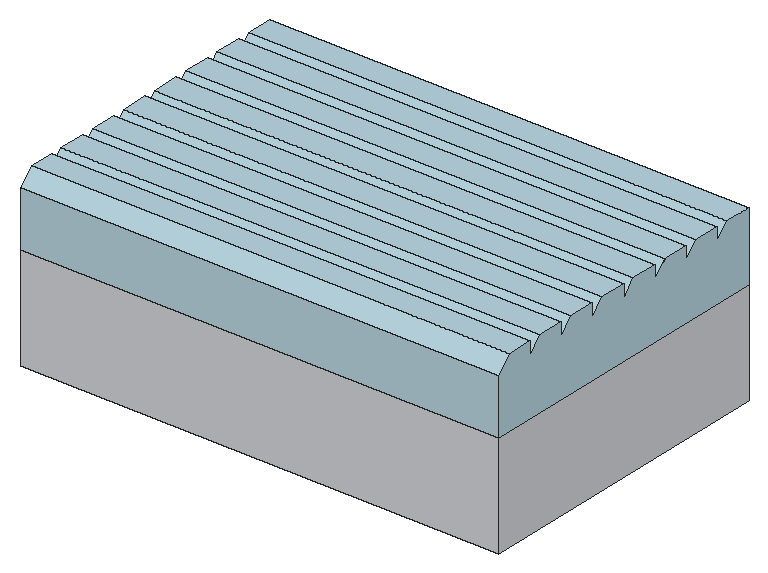
Revit family "Domotics-DomesticRanges-GEWISS-SYSTEM_SIGNALLING-LAMP_STAIR_RISER", category Apparecchi elettrici, host Superficie, Revit 2016
Family settings
  Host = Superficie
  Mantenere orientamento annotazione = Sì
  Tipo di parte = Normale
  Quota connettore circolare = Usa diametro
  Taglio con vuoti quando caricato = No
  Condiviso = Sì
  Punto di calcolo locali = Sì
Parameters (values of type "GW20626 - Stair riser diffuser flat lamp blue")
  Voltage: = "12/24V AC"
  Voltage = "12/24V AC"
  Version file RFA = "19.4"
  URL = "https://www.gewiss.com/ww/en"
  Tipo_ = System Spie Segnapasso_GENERICO : GW20626 Spia segnapasso con diffusore piano azzurro
  Technical sheet = "https://www.gewiss.com/ww/en/search?q=GW20626"
  Simbolo [instance] = yes
  SEO = "Lamp"
  Realized by GEWISS S.p.A. = ""
  Default Elevation = 1219.2 mm
  Produttore = "GEWISS S.p.A."
  Offset_spia [instance] = 0 mm
  Offset_bidimensionale [instance] = 2 mm
  No. SYSTEM modules = "3"
  Modello = "GW20626"
  Lamp holder = "Cartridge"
  Immagine tipo = GW20626.jpg
  IFC.TypeObject = ""
  IFC.ExportType = ""
  IFC.ExportAs = ""
  IDT = "fca23135-4530-4210-9352-b52efd479bc1"
  IDF = "27b20512-f0cd-4c6a-a13a-b587bbdd2201"
  Fixing for lamp = "Cartridge"
  Electrocod = "0132"
  EAN code = "8011564024786"
  Distanza_effettiva_x [instance] = 1500 mm - Distanza_x  # 1500 mm
  Distanza_x [instance] = 0 mm
  Diffuser colour: = "Light blue"
  Diffuser colour = "Light blue"
  Descrizione = "STAIR RISER DIFFUSER FLAT LAMP BLUE"
  Description. = "Stair riser lamp"
  Catalogue Range = "SYSTEM - DOMESTIC RANGE"
  Catalogue = "DOMOTICS"
  COBie.Tagnumber = ""
  COBie.CreatedOn = ""
  COBie.CreatebBy = ""
  COBie.ComponentRegisterItemID = ""
  COBie.Component.TagNumber = ""
  COBie.Component.Space = ""
  COBie.Component.SerialNumber = ""
  COBie.Component.InstallationDate = ""
  COBie.Component.Description = ""
  COBie.Component.BarCode = ""
Types (5, lengths in mm): name | Tipo_ | Technical sheet | Modello | Immagine tipo | IDT | EAN code | Diffuser colour: | Diffuser colour | Descrizione
  GW20601 - Stair riser diffuser flat lamp opal | System Spie Segnapasso_GENERICO : GW20601 Spia segnapasso con diffusore piano opale | "https://www.gewiss.com/ww/en/search?q=GW20601" | "GW20601" | GW20601.jpg | "e779f10d-e856-40c3-b2f5-ce90b2b7e664" | "8011564001053" | "Opal" | "Opal" | "STAIR RISER DIFFUSER FLAT LAMP OPAL"
  GW20623 - Stair riser diffuser flat lamp red | System Spie Segnapasso_GENERICO : GW20623 Spia segnapasso con diffusore piano rosso | "https://www.gewiss.com/ww/en/search?q=GW20623" | "GW20623" | GW20623.jpg | "2ee91e2b-1813-4efd-8c80-acffca446a83" | "8011564024816" | "Red" | "Red" | "STAIR RISER DIFFUSER FLAT LAMP RED"
  GW20624 - Stair riser diffuser flat lamp green | System Spie Segnapasso_GENERICO : GW20624 Spia segnapasso con diffusore piano verde | "https://www.gewiss.com/ww/en/search?q=GW20624" | "GW20624" | GW20624.jpg | "f305278a-32c3-4f49-90c6-1801fe5b71cb" | "8011564024809" | "Green" | "Green" | "STAIR RISER DIFFUSER FLAT LAMP GREEN"
  GW20625 - Stair riser diffuser flat lamp yellow | System Spie Segnapasso_GENERICO : GW20625 Spia segnapasso con diffusore piano giallo | "https://www.gewiss.com/ww/en/search?q=GW20625" | "GW20625" | GW20625.jpg | "9adad09f-f861-4385-ada7-d864ea9b2ce9" | "8011564024793" | "Yellow" | "Yellow" | "STAIR RISER DIFFUSER FLAT LAMP YELLOW"
  GW20626 - Stair riser diffuser flat lamp blue | System Spie Segnapasso_GENERICO : GW20626 Spia segnapasso con diffusore piano azzurro | "https://www.gewiss.com/ww/en/search?q=GW20626" | "GW20626" | GW20626.jpg | "fca23135-4530-4210-9352-b52efd479bc1" | "8011564024786" | "Light blue" | "Light blue" | "STAIR RISER DIFFUSER FLAT LAMP BLUE"
Reference planes
  plane 1 "Centro (Fronte/Retro)": y = 0
  plane 2: z = 0
  plane 3 "Centro (Sinistra/Destra)": x = 0
  plane 4: x = 0
  plane 5: x = -1500
  plane 6: z = 0
  plane 7: z = 25
  plane 8 "BD": z = 27
Dimensions and locks
  "Distanza_effettiva_x": plane 5 to plane 4
  plane 5 to plane 3 "Centro (Sinistra/Destra)" = 1500 mm
  "Offset_spia": plane 6 to plane 2
  locked: plane 7 to plane 6 at 25
  "Offset_bidimensionale": plane 8 "BD" to plane 7
  aligned and locked: plane 2 to host face
  aligned and locked: level to host face
  aligned and locked: plane 3 "Centro (Sinistra/Destra)" to nested 1
  aligned and locked: plane 1 "Centro (Fronte/Retro)" to nested 1
  aligned and locked: plane 4 to nested 2
  aligned and locked: plane 8 "BD" to import instance
  aligned and locked: nested 1 to plane 6
Automatic sketch dimensions
  host sketch curve to host sketch curve = 2438.4 mm  (x2)
Nested families
  nested 1: "System Spie Segnapasso_GENERICO" at (0, 0, 0), type <- "Tipo_", type "GW20626 Spia segnapasso con diffusore piano azzurro", detail levels medium+fine
  nested 2: "SPIE" at (0, 91.183, 0), SIMBOLO <- "Simbolo", type "SEGNAP"
    with SIMBOLO yes, Distanza dal muro 1 mm, BORDO ACCESO yes
Definition of nested family "System Spie Segnapasso_GENERICO"
  Parameters (values of type "GW20624 Spia segnapasso con diffusore piano verde")
    L_MODULO = 69 mm  # constant formula
    H_MODULO = 45 mm  # constant formula
    Finitura Segnapasso = none
    B ASE = 15 mm  # constant formula
  Types (5): name
    GW20623 Spia segnapasso con diffusore piano rosso
    GW20624 Spia segnapasso con diffusore piano verde
    GW20625 Spia segnapasso con diffusore piano giallo
    GW20626 Spia segnapasso con diffusore piano azzurro
    GW20601 Spia segnapasso con diffusore piano opale
  Reference planes
    plane 1 "Centro (Fronte/Retro)": y = 0
    plane 2: z = 0
    plane 3 "Centro (Sinistra/Destra)": x = 0
    plane 4: z = 25
    plane 5: z = 15
    plane 6: x = -34.5
    plane 7: y = -22.5
    plane 8: x = 34.5
    plane 9: y = 22.5
    plane 10: y = 16.875
    plane 11: y = 11.25
    plane 12: y = 5.625
    plane 13: y = -5.625
    plane 14: y = -11.25
    plane 15: y = -16.875
    plane 16: z = 23
    plane 17: y = 18.574
    plane 18: y = 20.985
    plane 19: through (4267.2, -16.875, 23) normal (0, 0.8572, -0.515)
    plane 20: through (4267.2, -11.25, 23) normal (0, -0.7071, -0.7071)
    plane 21: through (4267.2, -5.625, 23) normal (0, -0.8192, 0.5736)
    plane 22: through (4267.2, 5.625, 23) normal (0, 0.6582, 0.7528)
    plane 23: through (4267.2, 11.25, 23) normal (0, -0.7071, 0.7071)
  Forms (mm)
    Extrusion 1, solid, material <- "Finitura Segnapasso"
      sketch origin (0, 0, 0) x (1, 0, 0) y (0, 1, 0)
        loop
          line (-34.5, -22.5) -> (34.5, -22.5) -> (34.5, 22.5) -> (-34.5, 22.5) -> (-34.5, -22.5)
      from 15 to 25
    Extrusion 2, solid
      sketch origin (0, 0, 0) x (1, 0, 0) y (0, 1, 0)
        loop
          line (-34.5, -22.5) -> (34.5, -22.5) -> (34.5, 22.5) -> (-34.5, 22.5) -> (-34.5, -22.5)
      from 0 to 15
    Extrusion 3, void
      sketch origin (0, 0, 0) x (0, 1, 0) y (0, 0, 1)
        loop
          line (-22.5, 25) -> (-22.5, 23) -> (22.5, 23) -> (22.5, 25) -> (-22.5, 25)
      from -34.5 to 34.5
    Extrusion 4, solid, material <- "Finitura Segnapasso"
      sketch origin (0, 0, 0) x (0, 1, 0) y (0, 0, 1)
        loop
          line (18.624, 25) -> (16.875, 23) -> (22.5, 23) -> (22.5, 25) -> (18.624, 25)
      from -34.5 to 34.5
    Extrusion 5, solid, material <- "Finitura Segnapasso"
      sketch origin (0, -5.625, 0) x (0, 1, 0) y (0, 0, 1)
        loop
          line (18.624, 25) -> (16.875, 23) -> (22.5, 23) -> (22.5, 25) -> (18.624, 25)
      from -34.5 to 34.5
    Extrusion 6, solid, material <- "Finitura Segnapasso"
      sketch origin (0, -11.25, 0) x (0, 1, 0) y (0, 0, 1)
        loop
          line (18.624, 25) -> (16.875, 23) -> (22.5, 23) -> (22.5, 25) -> (18.624, 25)
      from -34.5 to 34.5
    Extrusion 7, solid, material <- "Finitura Segnapasso"
      sketch origin (0, -16.875, 0) x (0, 1, 0) y (0, 0, 1)
        loop
          line (18.624, 25) -> (16.875, 23) -> (22.5, 23) -> (22.5, 25) -> (18.624, 25)
      from -34.5 to 34.5
    Extrusion 8, solid, material <- "Finitura Segnapasso"
      sketch origin (0, -22.5, 0) x (0, 1, 0) y (0, 0, 1)
        loop
          line (18.624, 25) -> (16.875, 23) -> (22.5, 23) -> (22.5, 25) -> (18.624, 25)
      from -34.5 to 34.5
    Extrusion 9, solid, material <- "Finitura Segnapasso"
      sketch origin (0, -28.125, 0) x (0, 1, 0) y (0, 0, 1)
        loop
          line (18.624, 25) -> (16.875, 23) -> (22.5, 23) -> (22.5, 25) -> (18.624, 25)
      from -34.5 to 34.5
    Extrusion 10, solid, material <- "Finitura Segnapasso"
      sketch origin (0, -33.75, 0) x (0, 1, 0) y (0, 0, 1)
        loop
          line (18.624, 25) -> (16.875, 23) -> (22.5, 23) -> (22.5, 25) -> (18.624, 25)
      from -34.5 to 34.5
    Extrusion 11, solid, material <- "Finitura Segnapasso"
      sketch origin (0, -39.375, 0) x (0, 1, 0) y (0, 0, 1)
        loop
          line (16.875, 23) -> (22.5, 23) -> (22.5, 25) -> (18.875, 25) -> (16.875, 23)
      from -34.5 to 34.5
  Cuts and joins
    Extrusion 3 cuts Extrusion 1
    joined: Extrusion 1, Extrusion 4, Extrusion 5, Extrusion 6, Extrusion 7, Extrusion 8, Extrusion 9, Extrusion 10, Extrusion 11
  Text (mm)
    text "C*A=B/2" at (0, -18.401, 32.424), in view "Destra"
  Dimensions and locks
    locked: plane 4 to plane 5 at 10
    equal spacing: plane 9, plane 1 "Centro (Fronte/Retro)", plane 7
    equal spacing: plane 6, plane 3 "Centro (Sinistra/Destra)", plane 8
    "L_MODULO": plane 6 to plane 8
    "H_MODULO": plane 9 to plane 7
    plane 7 to plane 15 to plane 14 to plane 13 to plane 1 "Centro (Fronte/Retro)" to plane 12 to plane 11 to plane 10 to plane 9 = 5.625 mm, 5.625 mm, 5.625 mm, 5.625 mm, 5.625 mm, 5.625 mm, 5.625 mm, 5.625 mm
    "B ASE": plane 5 to level
    locked: plane 4 to plane 16 at 2
    angle plane 20 to plane 7 = 135.00°
    angle plane 19 to plane 15 = 31.00°
    angle plane 14 to plane 20 = 45.00°
    angle plane 21 to plane 13 = 35.00°
    angle plane 22 to plane 12 = 131.164°
    angle plane 4 to plane 23 = 45.00°
    aligned and locked: level to plane 2
    aligned and locked: plane 4 to Extrusion 1
    aligned and locked: Extrusion 1 to plane 5
    aligned and locked: Extrusion 2 sketch curve to plane 6
    aligned and locked: Extrusion 2 sketch curve to plane 9
    aligned and locked: Extrusion 2 sketch curve to plane 7
    aligned and locked: Extrusion 2 sketch curve to plane 8
    aligned and locked: plane 5 to Extrusion 2
    aligned and locked: Extrusion 2 to level
    aligned and locked: Extrusion 3 sketch curve to plane 16
    aligned and locked: plane 4 to Extrusion 3 sketch curve
    aligned and locked: plane 6 to Extrusion 3
    aligned and locked: plane 9 to Extrusion 3 sketch curve
    aligned and locked: Extrusion 4 sketch curve to plane 4
    aligned and locked: Extrusion 3 sketch curve to plane 7
    aligned and locked: plane 6 to Extrusion 4
    aligned and locked: plane 6 to Extrusion 5
    aligned and locked: plane 6 to Extrusion 6
    aligned and locked: plane 6 to Extrusion 7
    aligned and locked: plane 6 to Extrusion 8
    aligned and locked: plane 6 to Extrusion 9
    aligned and locked: plane 6 to Extrusion 10
    aligned and locked: plane 6 to Extrusion 11
    aligned and locked: Extrusion 11 to plane 8
    aligned and locked: Extrusion 10 to plane 8
    aligned and locked: Extrusion 9 to plane 8
    aligned and locked: Extrusion 8 to plane 8
    aligned and locked: Extrusion 7 to plane 8
    aligned and locked: Extrusion 6 to plane 8
    aligned and locked: Extrusion 5 to plane 8
    aligned and locked: Extrusion 4 to plane 8
    aligned and locked: Extrusion 4 sketch curve to plane 9
    aligned and locked: Extrusion 5 sketch curve to plane 10
    aligned and locked: Extrusion 6 sketch curve to plane 11
    aligned and locked: Extrusion 7 sketch curve to plane 12
    aligned and locked: plane 1 "Centro (Fronte/Retro)" to Extrusion 8 sketch curve
    aligned and locked: Extrusion 9 sketch curve to plane 13
    aligned and locked: Extrusion 10 sketch curve to plane 14
    aligned and locked: Extrusion 11 sketch curve to plane 15
    aligned and locked: Extrusion 3 to plane 8
  Automatic sketch dimensions
    Extrusion 1 sketch curve to plane 6 = 0 mm
    Extrusion 1 sketch curve to plane 8 = 0 mm
    Extrusion 1 sketch curve to plane 7 = 0 mm
    Extrusion 1 sketch curve to plane 9 = 0 mm
    Extrusion 4 sketch curve to plane 10 = 0 mm
    Extrusion 4 sketch curve to plane 16 = 0 mm
    Extrusion 4 sketch curve to plane 17 = 0.05 mm
    Extrusion 5 sketch curve to plane 11 = 0 mm
    Extrusion 5 sketch curve to plane 4 = 0 mm
    Extrusion 5 sketch curve to plane 16 = 0 mm
    plane 11 to Extrusion 5 sketch curve = 1.749 mm
    Extrusion 6 sketch curve to plane 12 = 0 mm
    Extrusion 6 sketch curve to plane 4 = 0 mm
    Extrusion 6 sketch curve to plane 16 = 0 mm
    plane 12 to Extrusion 6 sketch curve = 1.749 mm
    Extrusion 7 sketch curve to plane 1 "Centro (Fronte/Retro)" = 0 mm
    Extrusion 7 sketch curve to plane 4 = 0 mm
    Extrusion 7 sketch curve to plane 16 = 0 mm
    Extrusion 7 sketch curve to plane 1 "Centro (Fronte/Retro)" = 1.749 mm
    Extrusion 8 sketch curve to plane 13 = 0 mm
    Extrusion 8 sketch curve to plane 4 = 0 mm
    Extrusion 8 sketch curve to plane 16 = 0 mm
    plane 13 to Extrusion 8 sketch curve = 1.749 mm
    Extrusion 9 sketch curve to plane 14 = 0 mm
    Extrusion 9 sketch curve to plane 4 = 0 mm
    Extrusion 9 sketch curve to plane 16 = 0 mm
    plane 14 to Extrusion 9 sketch curve = 1.749 mm
    Extrusion 10 sketch curve to plane 15 = 0 mm
    Extrusion 10 sketch curve to plane 4 = 0 mm
    Extrusion 10 sketch curve to plane 16 = 0 mm
    plane 15 to Extrusion 10 sketch curve = 1.749 mm
    Extrusion 11 sketch curve to plane 16 = 0 mm
    Extrusion 11 sketch curve to plane 4 = 0 mm
    Extrusion 11 sketch curve to plane 7 = 0 mm
    plane 7 to Extrusion 11 sketch curve = 2 mm
Definition of nested family "SPIE"
  Parameters (values of type "SEGNAP")
    tipo = SPIE_BASE : SEGNAP
    SIMBOLO [instance] = yes
    Distanza dal muro [instance] = 4.208 mm
    BORDO ACCESO [instance] = yes
  Types (3, lengths in mm): name | tipo
    SPIE DOPPIE | SPIE_BASE : SPIE DOPPIE
    SPIE | SPIE_BASE : SPIE
    SEGNAP | SPIE_BASE : SEGNAP
  Reference planes
    plane 1: y = 0
    plane 2: x = 0
  Lines and regions (mm)
    detail lines, visible <- "BORDO ACCESO", not visible
      curve 1: line (-2.25, 0.412, 0) -> (2.25, 0.412, 0)
      curve 2: line (2.25, 0.412, 0) -> (2.25, -5.588, 0)
      curve 3: line (2.25, -5.588, 0) -> (-2.25, -5.588, 0)
      curve 4: line (-2.25, -5.588, 0) -> (-2.25, 0.412, 0)
      curve 30: line (-1.85, 0.012, 0) -> (1.85, 0.012, 0)
      curve 31: line (1.85, 0.012, 0) -> (1.85, -5.188, 0)
      curve 32: line (1.85, -5.188, 0) -> (-1.85, -5.188, 0)
      curve 33: line (-1.85, -5.188, 0) -> (-1.85, 0.012, 0)
      curve 34: line (-2.25, 6, 0) -> (2.25, 6, 0)
      curve 35: line (2.25, 6, 0) -> (2.25, 0, 0)
      curve 36: line (2.25, 0, 0) -> (-2.25, 0, 0)
      curve 37: line (-2.25, 0, 0) -> (-2.25, 6, 0)
      curve 61: line (-1.85, 5.6, 0) -> (1.85, 5.6, 0)
      curve 62: line (1.85, 5.6, 0) -> (1.85, 0.4, 0)
      curve 63: line (1.85, 0.4, 0) -> (-1.85, 0.4, 0)
      curve 64: line (-1.85, 0.4, 0) -> (-1.85, 5.6, 0)
      curve 65: line (-2.443, 10.208, 0) -> (2.057, 10.208, 0)
      curve 66: line (2.057, 10.208, 0) -> (2.057, 4.208, 0)
      curve 67: line (2.057, 4.208, 0) -> (-2.443, 4.208, 0)
      curve 68: line (-2.443, 4.208, 0) -> (-2.443, 10.208, 0)
      curve 69: line (-2.043, 9.808, 0) -> (1.657, 9.808, 0)
      curve 70: line (1.657, 9.808, 0) -> (1.657, 4.608, 0)
      curve 71: line (1.657, 4.608, 0) -> (-2.043, 4.608, 0)
      curve 72: line (-2.043, 4.608, 0) -> (-2.043, 9.808, 0)
    detail lines, not visible
      curve 5: line (-9.473, -5.588, 0) -> (10.527, -5.588, 0)
      curve 6: circle (-0.56, -0.487, 0) r 0.969 normal (0, 0, 1)
      curve 7: line (-0.005, 0.306, 0) -> (0.852, 1.529, 0)
      curve 8: line (0.852, 1.529, 0) -> (1.529, 1.047, 0)
      curve 9: circle (-0.56, -315.487, 0) r 0.969 normal (0, 0, 1)
      curve 10: line (-0.005, -314.694, 0) -> (0.852, -313.471, 0)
      curve 11: line (0.852, -313.471, 0) -> (1.529, -313.953, 0)
      curve 12: line (-1.245, -314.803, 0) -> (0.124, -316.172, 0)
      curve 13: line (0.124, -314.803, 0) -> (-1.245, -316.172, 0)
      curve 14: circle (-0.56, -480.487, 0) r 0.969 normal (0, 0, 1)
      curve 15: line (-0.005, -479.694, 0) -> (0.852, -478.471, 0)
      curve 16: line (0.852, -478.471, 0) -> (1.529, -478.953, 0)
      curve 17: line (0.493, -478.983, 0) -> (1.167, -479.462, 0)
      curve 18: circle (-0.56, -880.487, 0) r 0.969 normal (0, 0, 1)
      curve 19: line (-0.005, -879.694, 0) -> (0.852, -878.471, 0)
      curve 20: line (0.852, -878.471, 0) -> (1.529, -878.953, 0)
      curve 21: line (-1.245, -879.803, 0) -> (0.124, -881.172, 0)
      curve 22: line (0.124, -879.803, 0) -> (-1.245, -881.172, 0)
      curve 23: line (0.493, -878.983, 0) -> (1.167, -879.462, 0)
      curve 24: circle (-0.56, -365.487, 0) r 0.969 normal (0, 0, 1)
      curve 25: line (-0.005, -364.694, 0) -> (0.852, -363.471, 0)
      curve 26: line (0.852, -363.471, 0) -> (1.529, -363.953, 0)
      curve 27: line (-0.56, -364.925, 0) -> (-0.56, -366.05, 0)
      curve 28: line (0.493, -363.983, 0) -> (1.167, -364.462, 0)
      curve 29: line (0, 3.621, 0) -> (0, -16.379, 0)
      curve 38: circle (-0.56, 2.417, 0) r 0.969 normal (0, 0, 1)
      curve 39: line (-0.005, 3.21, 0) -> (0.852, 4.433, 0)
      curve 40: line (0.852, 4.433, 0) -> (1.529, 3.951, 0)
      curve 41: circle (-0.56, 2.417, 0) r 0.969 normal (0, 0, 1)
      curve 42: line (-0.005, 3.21, 0) -> (0.852, 4.433, 0)
      curve 43: line (0.852, 4.433, 0) -> (1.529, 3.951, 0)
      curve 44: line (-1.245, 3.102, 0) -> (0.124, 1.732, 0)
      curve 45: line (0.124, 3.102, 0) -> (-1.245, 1.732, 0)
      curve 46: circle (-0.56, 2.417, 0) r 0.969 normal (0, 0, 1)
      curve 47: line (-0.005, 3.21, 0) -> (0.852, 4.433, 0)
      curve 48: line (0.852, 4.433, 0) -> (1.529, 3.951, 0)
      curve 49: circle (-0.56, 2.417, 0) r 0.969 normal (0, 0, 1)
      curve 50: line (-0.005, 3.21, 0) -> (0.852, 4.433, 0)
      curve 51: line (0.852, 4.433, 0) -> (1.529, 3.951, 0)
      curve 52: line (-1.245, 3.102, 0) -> (0.124, 1.732, 0)
      curve 53: line (0.124, 3.102, 0) -> (-1.245, 1.732, 0)
      curve 54: line (0.493, 3.921, 0) -> (1.167, 3.442, 0)
      curve 55: line (0.493, 3.921, 0) -> (1.167, 3.442, 0)
      curve 56: circle (-0.56, 2.417, 0) r 0.969 normal (0, 0, 1)
      curve 57: line (-0.005, 3.21, 0) -> (0.852, 4.433, 0)
      curve 58: line (0.852, 4.433, 0) -> (1.529, 3.951, 0)
      curve 59: line (-0.56, 2.979, 0) -> (-0.56, 1.854, 0)
      curve 60: line (0.493, 3.921, 0) -> (1.167, 3.442, 0)
  Dimensions and locks
    "Distanza dal muro": plane 1 to nested 1
    aligned and locked: curve 5 to curve 3
  Nested families
    nested 1: "SPIE_BASE" at (0, 4.208, 0), BORDO ACCESO <- "BORDO ACCESO", type <- "tipo", visible <- "SIMBOLO", type "SEGNAP"
      with BORDO ACCESO yes
  Definition of nested family "SPIE_BASE"
    Parameters (values of type "SPIE DOPPIE")
      SPIE DOPPIE = yes
      SPIE = no
      SEGNAP = no
      Distanza dal muro = 4.208 mm
      BORDO ACCESO [instance] = yes
    Types (3, lengths in mm): name | SPIE DOPPIE | SPIE | SEGNAP
      SPIE | no | yes | no
      SPIE DOPPIE | yes | no | no
      SEGNAP | no | yes | yes
    Reference planes
      plane 1: y = 0
      plane 2: x = 0
    Lines and regions (mm)
      detail lines, visible <- "BORDO ACCESO", not visible
        curve 1: line (-2.25, 0.412, 0) -> (2.25, 0.412, 0)
        curve 2: line (2.25, 0.412, 0) -> (2.25, -5.588, 0)
        curve 3: line (2.25, -5.588, 0) -> (-2.25, -5.588, 0)
        curve 4: line (-2.25, -5.588, 0) -> (-2.25, 0.412, 0)
        curve 30: line (-1.85, 0.012, 0) -> (1.85, 0.012, 0)
        curve 31: line (1.85, 0.012, 0) -> (1.85, -5.188, 0)
        curve 32: line (1.85, -5.188, 0) -> (-1.85, -5.188, 0)
        curve 33: line (-1.85, -5.188, 0) -> (-1.85, 0.012, 0)
        curve 34: line (-2.25, 6, 0) -> (2.25, 6, 0)
        curve 35: line (2.25, 6, 0) -> (2.25, 0, 0)
        curve 36: line (2.25, 0, 0) -> (-2.25, 0, 0)
        curve 37: line (-2.25, 0, 0) -> (-2.25, 6, 0)
        curve 61: line (-1.85, 5.6, 0) -> (1.85, 5.6, 0)
        curve 62: line (1.85, 5.6, 0) -> (1.85, 0.4, 0)
        curve 63: line (1.85, 0.4, 0) -> (-1.85, 0.4, 0)
        curve 64: line (-1.85, 0.4, 0) -> (-1.85, 5.6, 0)
        curve 65: line (-2.443, 10.208, 0) -> (2.057, 10.208, 0)
        curve 66: line (2.057, 10.208, 0) -> (2.057, 4.208, 0)
        curve 67: line (2.057, 4.208, 0) -> (-2.443, 4.208, 0)
        curve 68: line (-2.443, 4.208, 0) -> (-2.443, 10.208, 0)
        curve 69: line (-2.043, 9.808, 0) -> (1.657, 9.808, 0)
        curve 70: line (1.657, 9.808, 0) -> (1.657, 4.608, 0)
        curve 71: line (1.657, 4.608, 0) -> (-2.043, 4.608, 0)
        curve 72: line (-2.043, 4.608, 0) -> (-2.043, 9.808, 0)
      detail lines, not visible
        curve 5: line (-9.473, -5.588, 0) -> (10.527, -5.588, 0)
        curve 6: circle (-0.56, -0.487, 0) r 0.969 normal (0, 0, 1)
        curve 7: line (-0.005, 0.306, 0) -> (0.852, 1.529, 0)
        curve 8: line (0.852, 1.529, 0) -> (1.529, 1.047, 0)
        curve 9: circle (-0.56, -315.487, 0) r 0.969 normal (0, 0, 1)
        curve 10: line (-0.005, -314.694, 0) -> (0.852, -313.471, 0)
        curve 11: line (0.852, -313.471, 0) -> (1.529, -313.953, 0)
        curve 12: line (-1.245, -314.803, 0) -> (0.124, -316.172, 0)
        curve 13: line (0.124, -314.803, 0) -> (-1.245, -316.172, 0)
        curve 14: circle (-0.56, -480.487, 0) r 0.969 normal (0, 0, 1)
        curve 15: line (-0.005, -479.694, 0) -> (0.852, -478.471, 0)
        curve 16: line (0.852, -478.471, 0) -> (1.529, -478.953, 0)
        curve 17: line (0.493, -478.983, 0) -> (1.167, -479.462, 0)
        curve 18: circle (-0.56, -880.487, 0) r 0.969 normal (0, 0, 1)
        curve 19: line (-0.005, -879.694, 0) -> (0.852, -878.471, 0)
        curve 20: line (0.852, -878.471, 0) -> (1.529, -878.953, 0)
        curve 21: line (-1.245, -879.803, 0) -> (0.124, -881.172, 0)
        curve 22: line (0.124, -879.803, 0) -> (-1.245, -881.172, 0)
        curve 23: line (0.493, -878.983, 0) -> (1.167, -879.462, 0)
        curve 24: circle (-0.56, -365.487, 0) r 0.969 normal (0, 0, 1)
        curve 25: line (-0.005, -364.694, 0) -> (0.852, -363.471, 0)
        curve 26: line (0.852, -363.471, 0) -> (1.529, -363.953, 0)
        curve 27: line (-0.56, -364.925, 0) -> (-0.56, -366.05, 0)
        curve 28: line (0.493, -363.983, 0) -> (1.167, -364.462, 0)
        curve 29: line (0, 3.621, 0) -> (0, -16.379, 0)
        curve 38: circle (-0.56, 2.417, 0) r 0.969 normal (0, 0, 1)
        curve 39: line (-0.005, 3.21, 0) -> (0.852, 4.433, 0)
        curve 40: line (0.852, 4.433, 0) -> (1.529, 3.951, 0)
        curve 41: circle (-0.56, 2.417, 0) r 0.969 normal (0, 0, 1)
        curve 42: line (-0.005, 3.21, 0) -> (0.852, 4.433, 0)
        curve 43: line (0.852, 4.433, 0) -> (1.529, 3.951, 0)
        curve 44: line (-1.245, 3.102, 0) -> (0.124, 1.732, 0)
        curve 45: line (0.124, 3.102, 0) -> (-1.245, 1.732, 0)
        curve 46: circle (-0.56, 2.417, 0) r 0.969 normal (0, 0, 1)
        curve 47: line (-0.005, 3.21, 0) -> (0.852, 4.433, 0)
        curve 48: line (0.852, 4.433, 0) -> (1.529, 3.951, 0)
        curve 49: circle (-0.56, 2.417, 0) r 0.969 normal (0, 0, 1)
        curve 50: line (-0.005, 3.21, 0) -> (0.852, 4.433, 0)
        curve 51: line (0.852, 4.433, 0) -> (1.529, 3.951, 0)
        curve 52: line (-1.245, 3.102, 0) -> (0.124, 1.732, 0)
        curve 53: line (0.124, 3.102, 0) -> (-1.245, 1.732, 0)
        curve 54: line (0.493, 3.921, 0) -> (1.167, 3.442, 0)
        curve 55: line (0.493, 3.921, 0) -> (1.167, 3.442, 0)
        curve 56: circle (-0.56, 2.417, 0) r 0.969 normal (0, 0, 1)
        curve 57: line (-0.005, 3.21, 0) -> (0.852, 4.433, 0)
        curve 58: line (0.852, 4.433, 0) -> (1.529, 3.951, 0)
        curve 59: line (-0.56, 2.979, 0) -> (-0.56, 1.854, 0)
        curve 60: line (0.493, 3.921, 0) -> (1.167, 3.442, 0)
      detail lines, visible <- "SPIE"
        curve 73: line (-0.354, 1.604, 0) -> (0.354, 0.896, 0)
        curve 74: circle (0, 1.25, 0) r 0.5 normal (0, 0, 1)
        curve 75: line (0.354, 1.604, 0) -> (-0.354, 0.896, 0)
      detail lines, visible <- "SPIE DOPPIE"
        curve 76: line (-0.354, 2.152, 0) -> (0.354, 1.445, 0)
        curve 77: circle (0, 1.799, 0) r 0.5 normal (0, 0, 1)
        curve 78: line (0.354, 2.152, 0) -> (-0.354, 1.445, 0)
        curve 79: line (-0.354, 0.348, 0) -> (0.354, 1.055, 0)
        curve 80: circle (0, 0.701, 0) r 0.5 normal (0, 0, -1)
        curve 81: line (0.354, 0.348, 0) -> (-0.354, 1.055, 0)
      detail lines, visible <- "SEGNAP"
        curve 82: line (-0.77, 1.96, 0) -> (0.77, 1.96, 0)
        curve 83: line (-0.77, 0.543, 0) -> (-0.77, 1.96, 0)
        curve 84: line (0.77, 0.543, 0) -> (-0.77, 0.543, 0)
        curve 85: line (0.77, 1.96, 0) -> (0.77, 0.543, 0)
    Dimensions and locks
      aligned and locked: curve 5 to curve 3
